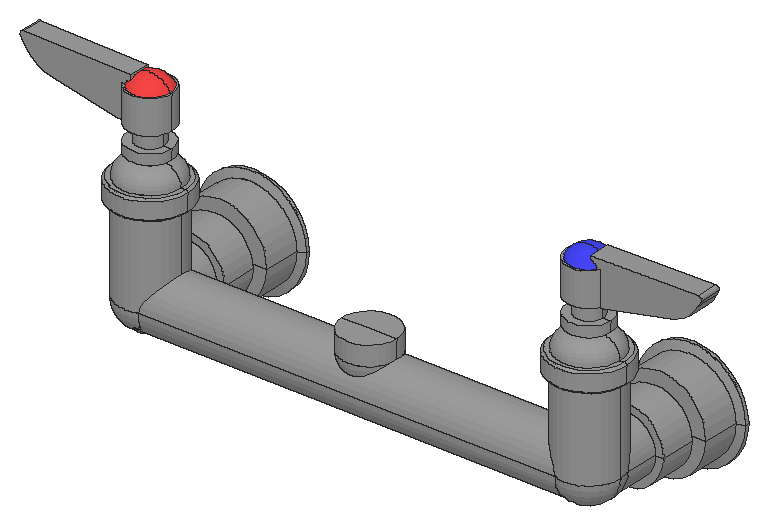
Revit family "QF_T&S_B-0230-LN", category Specialty Equipment, Revit 2012
Parameters (values of type "QF_T&S_B-0230-LN")
  Weight in Pounds = 0
  Watermarked By = "http://revitwatermark.com"
  Water Supply Radius = 1/4"  # constant formula
  Ventilation Remarks = ""
  URL Cutsheet = ""
  URL = "http://www.tsbrass.com/"
  Specification by User = ""
  Specification by Manufacturer = ""
  Serial Number = ""
  Seismic Rating = ""
  SMACNA No = ""
  Revision Code = ""
  Product Page URL = "http://www.tsbrass.com/index.cfm?page=SearchProduct&ID=427"
  Product Documentation Link = "http://catalog.tsbrass.com/"
  Plumbing Remarks = "Pressure: 20 - 125 psi, Temperature: 40 °F - 140 °F, Flow Rate: 28.63 GPM @ 60 psi / Outlet device andor final configuration may reduce flow rate."
  NAFEM Spec ID Number = ""
  Model = "B-0230-LN"  # constant formula
  Masterspec = ""
  Manufacturer Phone = "1-800-476-4103"  # constant formula
  Manufacturer Fax = "1-800-868-0084"  # constant formula
  Manufacturer Email = "netmgr@tsbrass.com"  # constant formula
  Manufacturer Address = "P.O. Box 1088, 2 Saddleback Cove, Travelers Rest, SC 29690"  # constant formula
  Manufacturer = "T&S Brass and Bronze Works, Inc."  # constant formula
  Item Number = ""
  Installed By = ""
  Identify Quantity as Lot = yes
  Hot Water Temperature = 140 °F
  Hot Water Size = Water Supply Radius * 2  # 1/2"
  Hot Water RI Height = 0"
  Hot Water Minimum Pressure = 20.00 psi
  Hot Water Maximum Pressure = 125.00 psi
  Hot Water Inlet Flow = 28.63 GPM
  Hot Water Flow = 28.63 GPM
  Hot Water Consumption = 28.63 GPM
  Hot Water Connection Height = 0"
  Furnished By = ""
  Foodservice Equipment Identifier = yes
  Faucet Material = Metal-T&S Brass-Chrome Plated Brass
  Description = "8'' Wall Mount Mixing Faucet, Eterna Cartridges, Lever Handles & 1/2'' NPT Female Inlets, Less Nozzle"  # constant formula
  Connector 2 Description = "Hot Water Inlet"
  Connector 1 Description = "Cold Water Inlet"
  Cold Water Temperature Recommended = 40 °F
  Cold Water Size = Water Supply Radius * 2  # 1/2"
  Cold Water RI Height = 0"
  Cold Water Minimum Pressure = 20.00 psi
  Cold Water Maximum Pressure = 125.00 psi
  Cold Water Inlet Flow = 28.63 GPM
  Cold Water Flow = 28.63 GPM
  Cold Water Consumption = "28.630 GPM"
  Cold Water Connection Height = 0"
  CSI MasterFormat = ""
Reference planes (in)
  plane 1 "Center (Front/Back)": y = 0
  plane 2: z = 0
  plane 3 "Center (Left/Right)": x = 0
  plane 4 "Back": y = 2.375
  plane 5: x = -6.2275
  plane 6: x = 6.21
Dimensions and locks (in)
  plane 5 to plane 6 = 12 7/16"
  nested 1 to plane 2 = 3 5/8"
  plane 1 "Center (Front/Back)" to plane 4 "Back" = 2 3/8"
  aligned and locked: plane 2 to level
Nested families (in)
  nested 1: "Base_Connector-T&S-Wall_Mount-B0230" at (0, 0, 0), type "Base_Connector-T&S-Wall_Mount-B0230"
Connectors (in)
  piping at (4, 2.375, 0), driven by "Water Supply Radius", driven by "Connector 1 Description", driven by "Cold Water Inlet Flow"
    settings: on nested 1, index 1, connector radius 1/4", flow factor 0, pipe flow 28.63 GPM, pressure drop 0.00 psi, fitting loss kfactor 0, connector angle 0.00°, fixture units 0, engagement length 0", flow configuration 1, flow direction 1, fitting loss method 0, system type 20, joint type 0, gender type 0, connector reference index -1, connector utility 0, adjustable connector no, is connector primary yes, fitting loss table "", connector description "Cold Water Inlet"
  piping at (-4, 2.375, 0), driven by "Water Supply Radius", driven by "Connector 2 Description", driven by "Hot Water Inlet Flow"
    settings: on nested 1, index 2, connector radius 1/4", flow factor 0, pipe flow 28.63 GPM, pressure drop 0.00 psi, fitting loss kfactor 0, connector angle 0.00°, fixture units 0, engagement length 0", flow configuration 1, flow direction 1, fitting loss method 0, system type 19, joint type 0, gender type 0, connector reference index -1, connector utility 0, adjustable connector no, is connector primary no, fitting loss table "", connector description "Hot Water Inlet"
Definition of nested family "Base_Connector-T&S-Wall_Mount-B0230"
  Parameters (values of type "Base_Connector-T&S-Wall_Mount-B0230")
    Watermarked By = "http://revitwatermark.com"
    Type Comments = "﻿﻿           ﻿  ​                  ​﻿​        ​  ​                                        ​     ﻿                          ﻿  ​  ​﻿  ﻿  ​  ​﻿  ﻿  ​﻿  ﻿     ​ ​                                        ​ ​               ﻿ ﻿﻿﻿​﻿ ﻿﻿ ​  ​﻿﻿  ﻿             ​       ​﻿               ​   ﻿    ﻿      ​​ ﻿                     ﻿​          ﻿ ﻿ ﻿​  ﻿    ​       ​​​        ﻿﻿"
    Keynote = "﻿﻿           ﻿  ​                  ​﻿​        ​  ​                                        ​     ﻿                          ﻿  ​  ​﻿  ﻿  ​  ​﻿  ﻿  ​﻿  ﻿     ​ ​                                        ​ ​               ﻿ ﻿﻿﻿​﻿ ﻿﻿ ​  ​﻿﻿  ﻿             ​       ​﻿               ​   ﻿    ﻿      ​​ ﻿                     ﻿​          ﻿ ﻿ ﻿​  ﻿    ​       ​​​        ﻿﻿"
    Faucet Material = Metal-T&S Brass-Chrome Plated Brass
    Description = "﻿﻿           ﻿  ​                  ​﻿​        ​  ​                                        ​     ﻿                          ﻿  ​  ​﻿  ﻿  ​  ​﻿  ﻿  ​﻿  ﻿     ​ ​                                        ​ ​               ﻿ ﻿﻿﻿​﻿ ﻿﻿ ​  ​﻿﻿  ﻿             ​       ​﻿               ​   ﻿    ﻿      ​​ ﻿                     ﻿​          ﻿ ﻿ ﻿​  ﻿    ​       ​​​        ﻿﻿"
    Assembly Code = "﻿﻿           ﻿  ​                  ​﻿​        ​  ​                                        ​     ﻿                          ﻿  ​  ​﻿  ﻿  ​  ​﻿  ﻿  ​﻿  ﻿     ​ ​                                        ​ ​               ﻿ ﻿﻿﻿​﻿ ﻿﻿ ​  ​﻿﻿  ﻿             ​       ​﻿               ​   ﻿    ﻿      ​​ ﻿                     ﻿​          ﻿ ﻿ ﻿​  ﻿    ​       ​​​        ﻿﻿"
  Reference planes (in)
    plane 1 "Center (Front/Back)": y = 0
    plane 2: z = 0
    plane 3 "Center (Left/Right)": x = 0
    plane 4 "Left": x = -4
    plane 5 "Right": x = 4
    plane 6: z = 3.625
    plane 7: x = 6.21
    plane 8: y = 2.375
    plane 9: y = 2.375
    plane 10: x = -6.2275
  Forms (in)
    Revolve 1, solid, material "Metal-T&S Brass-Chrome Plated Brass" <- "Faucet Material"
      sketch origin (0, 0, 0) x (-1, 0, 0) y (0, 0, 1)
        loop
          line (4, 1.56) -> (4, 1.40562) -> (4, -0.53705)
          arc (4, -0.53705) -> (4.40425, -0.39346) -> (4.57518, 0) r 0.53831
          line (4.57518, 0) -> (4.57518, 1.56) -> (4.65748, 1.56) -> (4.69, 1.59252) -> (4.69, 1.88962) -> (4.65184, 1.92779) -> (4.56405, 1.92779)
          arc (4.56405, 1.92779) -> (4.47206, 2.14985) -> (4.25, 2.24183) r 0.31405
          line (4.25, 2.24183) -> (4.25, 2.32792) -> (4.4, 2.32792) -> (4.4, 2.51) -> (4.25, 2.51) -> (4.25, 2.81) -> (4, 2.81) -> (4, 1.56)
        axis (4, 2.81) -> (4, -0.53705)
      angle from 0 to 360
    Revolve 2, solid, material "Metal-T&S Brass-Chrome Plated Brass" <- "Faucet Material", detail levels fine
      sketch origin (0, 0, 0) x (1, 0, 0) y (0, 0, 1)
        loop
          arc (0, 0) -> (0.35355, 0.14645) -> (0.5, 0.5) r 0.5
          line (0.5, 0.5) -> (0.5, 0.85) -> (0, 0.85) -> (0, 0)
        axis (0, 0.85) -> (0, 0)
      angle from 0 to 360
    Revolve 3, solid, material "Metal-T&S Brass-Chrome Plated Brass" <- "Faucet Material"
      sketch origin (0, 0, 0) x (-1, 0, 0) y (0, 1, 0)
        loop
          line (4, 0) -> (4.53705, 0) -> (4.53705, 0.83474) -> (4.68619, 0.83474) -> (4.68619, 1.47754) -> (4.53705, 1.47754) -> (4.53705, 1.59956) -> (4.85201, 1.59956) -> (4.85201, 2.26978) -> (5, 2.32364) -> (5, 2.375) -> (4, 2.375) -> (4, 0)
        axis (4, 2.375) -> (4, 0)
      angle from 0 to 360
    Revolve 4, solid, material "Metal-T&S Brass-Chrome Plated Brass" <- "Faucet Material"
      sketch origin (0, 0, 0) x (1, 0, 0) y (0, 1, 0)
        loop
          line (4, 0) -> (4.53705, 0) -> (4.53705, 0.83474) -> (4.68619, 0.83474) -> (4.68619, 1.47754) -> (4.53705, 1.47754) -> (4.53705, 1.59956) -> (4.85201, 1.59956) -> (4.85201, 2.26978) -> (5, 2.32364) -> (5, 2.375) -> (4, 2.375) -> (4, 0)
        axis (4, 2.375) -> (4, 0)
      angle from 0 to 360
    Extrusion 5, solid, material "Metal-T&S Brass-Chrome Plated Brass" <- "Faucet Material"
      sketch origin (0, 0, 0) x (0, 1, 0) y (0, 0, 1)
        loop
          circle (0, 0) r 0.53705
      from -4 to 4
    Revolve 6, solid, material "Metal-T&S Brass-Chrome Plated Brass" <- "Faucet Material"
      sketch origin (0, 0, 0) x (1, 0, 0) y (0, 0, 1)
        loop
          line (4, 1.56) -> (4, 1.40562) -> (4, -0.53705)
          arc (4, -0.53705) -> (4.40425, -0.39346) -> (4.57518, 0) r 0.53831
          line (4.57518, 0) -> (4.57518, 1.56) -> (4.65748, 1.56) -> (4.69, 1.59252) -> (4.69, 1.88962) -> (4.65184, 1.92779) -> (4.56405, 1.92779)
          arc (4.56405, 1.92779) -> (4.47206, 2.14985) -> (4.25, 2.24183) r 0.31405
          line (4.25, 2.24183) -> (4.25, 2.32792) -> (4.4, 2.32792) -> (4.4, 2.51) -> (4.25, 2.51) -> (4.25, 2.81) -> (4, 2.81) -> (4, 1.56)
        axis (4, 2.81) -> (4, -0.53705)
      angle from 0 to 360
  Cuts and joins
    joined: Revolve 1, Revolve 6
  Lines and regions (in)
    Masking region 1
      outline origin (0, 0, 0) x (1, 0, 0) y (0, 1, 0)
        loop
          line (-5, 2.37234) -> (-5, 2.32098) -> (-4.85201, 2.26712) -> (-4.85201, 1.60471) -> (-4.53705, 1.60471) -> (-4.53705, 1.47754) -> (-4.68619, 1.47754) -> (-4.68619, 0.83474) -> (-4.53705, 0.83474) -> (-4.53705, 0.3872)
          arc (-4.53705, 0.3872) -> (-4.59462, 0.29115) -> (-4.63518, 0.18678) r 0.66207
          line (-4.63518, 0.18678) -> (-6.2275, 0.13118) -> (-6.2275, -0.13218) -> (-4.63488, -0.18779)
          arc (-4.63488, -0.18779) -> (-4.21494, -0.62621) -> (-3.61427, -0.5381) r 0.66207
          line (-3.61427, -0.5381) -> (3.61427, -0.5381)
          arc (3.61427, -0.5381) -> (4.21494, -0.62621) -> (4.63488, -0.18779) r 0.66207
          line (4.63488, -0.18779) -> (6.2055, -0.13295) -> (6.2055, 0.13195) -> (4.63518, 0.18678)
          arc (4.63518, 0.18678) -> (4.59462, 0.29115) -> (4.53705, 0.3872) r 0.66207
          line (4.53705, 0.3872) -> (4.53705, 0.83474) -> (4.68619, 0.83474) -> (4.68619, 1.47754) -> (4.53705, 1.47754) -> (4.53705, 1.60471) -> (4.85201, 1.60471) -> (4.85201, 2.26712) -> (5, 2.32098) -> (5, 2.37234) -> (3, 2.37234) -> (3, 2.32098) -> (3.14799, 2.26712) -> (3.14799, 1.60471) -> (3.46295, 1.60471) -> (3.46295, 1.47754) -> (3.31381, 1.47754) -> (3.31381, 0.83474) -> (3.46295, 0.83474) -> (3.46295, 0.53474) -> (-3.46295, 0.53474) -> (-3.46295, 0.83474) -> (-3.31381, 0.83474) -> (-3.31381, 1.47754) -> (-3.46295, 1.47754) -> (-3.46295, 1.60471) -> (-3.14799, 1.60471) -> (-3.14799, 2.26712) -> (-3, 2.32098) -> (-3, 2.37234) -> (-5, 2.37234)
    symbolic lines
      curve 1: circle (0, 0, 0) r 0.5 normal (0, 0, 1)
      curve 8: line (0, 0.19922, 2.80501) -> (0, -0.19922, 2.80501)
    symbolic lines, detail levels medium+fine
      curve 2: arc (-4.62785, 0.204, 0) -> (-3.33984, 0, 0) -> (-4.62785, -0.204, 0) r 0.66016
      curve 3: arc (4.63095, 0.19417, 0) -> (3.33986, 0.00515, 0) -> (4.62785, -0.204, 0) r 0.66016
      curve 4: line (-4.53705, 1.47754, 0) -> (-3.46295, 1.47754, 0)
      curve 5: line (-4.53705, 0.83474, 0) -> (-3.46295, 0.83474, 0)
      curve 9: line (0, 0.83474, 0.53705) -> (0, 0.83474, -0.53705)
      curve 10: line (0, -0.19922, 2.80501) -> (0, -0.40486, 2.80501)
      curve 11: line (0, 0.19922, 2.80501) -> (0, 0.40381, 2.80501)
      curve 13: line (4.53705, 1.47754, 0) -> (3.46295, 1.47754, 0)
      curve 14: line (4.53705, 0.83474, 0) -> (3.46295, 0.83474, 0)
    symbolic lines, detail levels fine
      curve 6: line (-4.53705, 1.6008, 0) -> (-3.46295, 1.6008, 0)
      curve 7: line (-4.85201, 2.26712, 0) -> (-3.14799, 2.26712, 0)
      curve 12: line (0, 0.25425, 2.23758) -> (0, -0.25425, 2.23758)
      curve 15: line (4.53705, 1.6008, 0) -> (3.46295, 1.6008, 0)
      curve 16: line (4.85201, 2.26712, 0) -> (3.14799, 2.26712, 0)
  Dimensions and locks (in)
    equal spacing: plane 5 "Right", plane 3 "Center (Left/Right)", plane 4 "Left"
    locked: plane 5 "Right" to plane 4 "Left" at 8
    plane 8 to plane 1 "Center (Front/Back)" = 2 3/8"
    plane 1 "Center (Front/Back)" to plane 9 = 2 3/8"
    plane 10 to plane 7 = 12 7/16"
    aligned and locked: plane 2 to level
    aligned: plane 5 "Right" to nested 1
    aligned and locked: plane 1 "Center (Front/Back)" to nested 1
    aligned and locked: plane 5 "Right" to Extrusion 5
    aligned and locked: Extrusion 5 to plane 4 "Left"
  Automatic sketch dimensions
    plane 1 "Center (Front/Back)" to curve 10 = 0.40486"
    plane 1 "Center (Front/Back)" to curve 12 = 0.25425"
    plane 1 "Center (Front/Back)" to curve 10 = 51/256"
    curve 11 to plane 1 "Center (Front/Back)" = 51/256"
    curve 12 to plane 1 "Center (Front/Back)" = 0.25425"
    curve 8 to curve 11 = 0.20459"
    curve 9 to plane 1 "Center (Front/Back)" = 0.83474"
    curve 9 to level = 0.53705"
    level to curve 9 = 0.53705"
    curve 12 to plane 6 = 1.38742"
    curve 12 to curve 10 = 0.56743"
    Revolve 1 sketch curve to plane 4 "Left" = 0"  (x2)
    Revolve 1 sketch curve to level = 0"
    plane 4 "Left" to Revolve 1 sketch curve = 0.03687"
    plane 4 "Left" to Revolve 1 sketch curve = 1/4"
    Revolve 1 sketch curve to Revolve 1 sketch curve = 0"  (x3)
    Revolve 1 sketch curve to Revolve 1 sketch curve = 0.15"
    Revolve 1 sketch curve to Revolve 1 sketch curve = 0.31405"
    Revolve 1 sketch curve to Revolve 1 sketch curve = 0.53831"
    Revolve 1 sketch curve to Revolve 1 sketch curve = 0.08779"
    Revolve 1 sketch curve to Revolve 1 sketch curve = 0.0823"
    Revolve 1 sketch curve to Revolve 1 sketch curve = 0.03252"  (x2)
    Revolve 1 sketch curve to level = 1.40562"
    Revolve 1 sketch curve to Revolve 1 sketch curve = 0.15438"  (x2)
    Revolve 1 sketch curve to Revolve 1 sketch curve = 0.29711"
    Revolve 1 sketch curve to Revolve 1 sketch curve = 0.03816"
    Revolve 1 sketch curve to Revolve 1 sketch curve = 0.08609"
    Revolve 1 sketch curve to Revolve 1 sketch curve = 0.18208"
    Revolve 1 sketch curve to Revolve 1 sketch curve = 0.3"
    Revolve 2 sketch curve to level = 0"  (x2)
    Revolve 2 sketch curve to plane 3 "Center (Left/Right)" = 0"  (x2)
    plane 3 "Center (Left/Right)" to Revolve 2 sketch curve = 1/2"
    Revolve 2 sketch curve to Revolve 2 sketch curve = 0.35"
    Revolve 2 sketch curve to Revolve 2 sketch curve = 0.47562"
    plane 1 "Center (Front/Back)" to Revolve 3 sketch curve = 0"  (x2)
    Revolve 3 sketch curve to plane 4 "Left" = 0"  (x2)
    Revolve 3 sketch curve to plane 8 = 0"
    plane 4 "Left" to Revolve 3 sketch curve = 0.53705"  (x2)
    Revolve 3 sketch curve to Revolve 3 sketch curve = 0.14914"
    Revolve 3 sketch curve to Revolve 3 sketch curve = 0.16582"
    Revolve 3 sketch curve to Revolve 3 sketch curve = 0.14799"
    plane 1 "Center (Front/Back)" to Revolve 3 sketch curve = 0.83474"
    Revolve 3 sketch curve to Revolve 3 sketch curve = 0.6428"
    Revolve 3 sketch curve to Revolve 3 sketch curve = 0.12202"
    Revolve 3 sketch curve to Revolve 3 sketch curve = 0.4011"
    plane 8 to Revolve 3 sketch curve = 0.10522"
    Revolve 3 sketch curve to Revolve 3 sketch curve = 0.05136"
    Masking region 1 sketch curve to Masking region 1 sketch curve = 0"  (x4)
    plane 1 "Center (Front/Back)" to Masking region 1 sketch curve = 0"  (x2)
    Masking region 1 sketch curve to plane 4 "Left" = 0"
    Masking region 1 sketch curve to plane 5 "Right" = 0"
    Masking region 1 sketch curve to plane 4 "Left" = 0.53705"  (x2)
    plane 1 "Center (Front/Back)" to Masking region 1 sketch curve = 0.18779"  (x2)
    Masking region 1 sketch curve to Masking region 1 sketch curve = 0.09783"
    Masking region 1 sketch curve to plane 1 "Center (Front/Back)" = 0.18678"  (x2)
    Masking region 1 sketch curve to Masking region 1 sketch curve = 0.09813"  (x2)
    Masking region 1 sketch curve to Masking region 1 sketch curve = 0.14914"  (x5)
    Masking region 1 sketch curve to plane 8 = 0.10788"  (x4)
    Masking region 1 sketch curve to Masking region 1 sketch curve = 0.31496"  (x3)
    Masking region 1 sketch curve to plane 8 = 0.00266"  (x2)
    Masking region 1 sketch curve to Masking region 1 sketch curve = 0.14799"  (x4)
    plane 1 "Center (Front/Back)" to Masking region 1 sketch curve = 0.13218"
    Masking region 1 sketch curve to Masking region 1 sketch curve = 1.59262"
    plane 4 "Left" to Masking region 1 sketch curve = 0.38573"
    plane 4 "Left" to Masking region 1 sketch curve = 0.53705"  (x2)
    Masking region 1 sketch curve to plane 8 = 0.05402"  (x2)
    Masking region 1 sketch curve to plane 5 "Right" = 1"
    Masking region 1 sketch curve to Masking region 1 sketch curve = 0.16582"
    Masking region 1 sketch curve to plane 5 "Right" = 0.38573"
    plane 5 "Right" to Masking region 1 sketch curve = 0.53705"  (x2)
    Masking region 1 sketch curve to plane 7 = 0.0045"
    plane 1 "Center (Front/Back)" to Masking region 1 sketch curve = 0.13295"
    Masking region 1 sketch curve to plane 1 "Center (Front/Back)" = 0.13118"
    Masking region 1 sketch curve to plane 1 "Center (Front/Back)" = 0.13195"
    Masking region 1 sketch curve to plane 1 "Center (Front/Back)" = 0.53474"
    Masking region 1 sketch curve to Masking region 1 sketch curve = 0.3"  (x2)
    Masking region 1 sketch curve to Masking region 1 sketch curve = 0.44755"  (x2)
    Masking region 1 sketch curve to Masking region 1 sketch curve = 0.6428"  (x4)
    Masking region 1 sketch curve to Masking region 1 sketch curve = 0.12717"  (x4)
    Masking region 1 sketch curve to Masking region 1 sketch curve = 0.05136"  (x2)
    plane 1 "Center (Front/Back)" to Revolve 4 sketch curve = 0"  (x2)
    Revolve 4 sketch curve to plane 5 "Right" = 0"  (x2)
    Revolve 4 sketch curve to plane 8 = 0"
    plane 5 "Right" to Revolve 4 sketch curve = 0.53705"  (x2)
    Revolve 4 sketch curve to Revolve 4 sketch curve = 0.14914"
    Revolve 4 sketch curve to Revolve 4 sketch curve = 0.16582"
    Revolve 4 sketch curve to Revolve 4 sketch curve = 0.14799"
    Revolve 4 sketch curve to plane 1 "Center (Front/Back)" = 0.83474"
    Revolve 4 sketch curve to Revolve 4 sketch curve = 0.6428"
    Revolve 4 sketch curve to Revolve 4 sketch curve = 0.12202"
    Revolve 4 sketch curve to Revolve 4 sketch curve = 0.4011"
    Revolve 4 sketch curve to plane 8 = 0.10522"
    Revolve 4 sketch curve to Revolve 4 sketch curve = 0.05136"
    Extrusion 5 sketch curve to level = 0"
    Extrusion 5 sketch curve to plane 1 "Center (Front/Back)" = 0"
    Revolve 6 sketch curve to plane 5 "Right" = 0"  (x2)
    Revolve 6 sketch curve to level = 0"
    plane 5 "Right" to Revolve 6 sketch curve = 0.03687"
    plane 5 "Right" to Revolve 6 sketch curve = 1/4"
    Revolve 6 sketch curve to Revolve 6 sketch curve = 0"  (x3)
    Revolve 6 sketch curve to Revolve 6 sketch curve = 0.15"
    Revolve 6 sketch curve to Revolve 6 sketch curve = 0.31405"
    Revolve 6 sketch curve to Revolve 6 sketch curve = 0.53831"
    Revolve 6 sketch curve to Revolve 6 sketch curve = 0.08779"
    Revolve 6 sketch curve to Revolve 6 sketch curve = 0.0823"
    Revolve 6 sketch curve to Revolve 6 sketch curve = 0.03252"  (x2)
    level to Revolve 6 sketch curve = 1.40562"
    Revolve 6 sketch curve to Revolve 6 sketch curve = 0.15438"  (x2)
    Revolve 6 sketch curve to Revolve 6 sketch curve = 0.29711"
    Revolve 6 sketch curve to Revolve 6 sketch curve = 0.03816"
    Revolve 6 sketch curve to Revolve 6 sketch curve = 0.08609"
    Revolve 6 sketch curve to Revolve 6 sketch curve = 0.18208"
    Revolve 6 sketch curve to Revolve 6 sketch curve = 0.3"
    plane 1 "Center (Front/Back)" to curve 2 = 0"
    curve 2 to plane 4 "Left" = 0"
    plane 1 "Center (Front/Back)" to curve 1 = 0"
    curve 1 to plane 3 "Center (Left/Right)" = 0"
    plane 1 "Center (Front/Back)" to curve 3 = 0"
    curve 3 to plane 5 "Right" = 0"
    curve 6 to plane 4 "Left" = 0.53705"
    curve 5 to plane 4 "Left" = 0.53705"
    curve 4 to curve 6 = 0"  (x2)
    curve 2 to plane 1 "Center (Front/Back)" = 0.204"
    curve 2 to plane 4 "Left" = 0.62785"
    plane 1 "Center (Front/Back)" to curve 2 = 0.204"
    curve 7 to plane 8 = 0.10788"
    curve 7 to curve 6 = 0.31496"
    plane 4 "Left" to curve 6 = 0.53705"
    plane 4 "Left" to curve 5 = 0.53705"
    curve 6 to curve 7 = 0.31496"
    curve 16 to plane 8 = 0.10788"
    curve 16 to plane 5 "Right" = 0.85201"
    curve 15 to plane 5 "Right" = 0.53705"
    curve 14 to plane 5 "Right" = 0.53705"
    curve 13 to curve 15 = 0"  (x2)
    plane 5 "Right" to curve 15 = 0.53705"
    plane 5 "Right" to curve 14 = 0.53705"
    plane 1 "Center (Front/Back)" to curve 3 = 0.204"
    plane 5 "Right" to curve 3 = 0.62785"
    curve 3 to plane 1 "Center (Front/Back)" = 0.19417"
    curve 15 to curve 16 = 0.31496"
    curve 3 to curve 14 = 0.64057"
    curve 5 to plane 1 "Center (Front/Back)" = 0.83474"
    curve 5 to curve 4 = 0.6428"
    curve 14 to curve 13 = 0.6428"
    curve 4 to curve 6 = 0.12326"
    curve 13 to curve 15 = 0.12326"
    radius of Extrusion 5 sketch curve = 0.53705"
    radius of curve 1 = 1/2"
  Nested families (in)
    nested 1: "Handle-T&S-Lever" at (4, 0, 2.81), type "Handle-T&S-Lever"
    nested 2: "Handle-T&S-Lever" at (-4, 0, 2.81) x (-1, 0, 0) z (0, 0, 1), type "Handle-T&S-Lever"
      with Handle Color Plastic-T&S Brass-Red
  Definition of nested family "Handle-T&S-Lever"
    Parameters (values of type "Handle-T&S-Lever")
      Watermarked By = "http://revitwatermark.com"
      Type Comments = "﻿﻿               ​      ​   ​  ​  ﻿     ﻿   ﻿      ﻿     ​                      ​      ​       ﻿  ﻿   ﻿​  ​​   ​​ ​                                 ﻿                  ​​​   ​  ​   ﻿ ﻿        ﻿﻿                 ​                            ﻿              ​ ​              ﻿      ​              ﻿  ﻿​    ﻿   ​           ​        ﻿ ﻿ ﻿             ﻿  ​           ﻿﻿"
      Keynote = "﻿﻿               ​      ​   ​  ​  ﻿     ﻿   ﻿      ﻿     ​                      ​      ​       ﻿  ﻿   ﻿​  ​​   ​​ ​                                 ﻿                  ​​​   ​  ​   ﻿ ﻿        ﻿﻿                 ​                            ﻿              ​ ​              ﻿      ​              ﻿  ﻿​    ﻿   ​           ​        ﻿ ﻿ ﻿             ﻿  ​           ﻿﻿"
      Handle Color [instance] = Plastic-T&S Brass-Blue
      Faucet Material = Metal-T&S Brass-Chrome Plated Brass
      Description = "﻿﻿               ​      ​   ​  ​  ﻿     ﻿   ﻿      ﻿     ​                      ​      ​       ﻿  ﻿   ﻿​  ​​   ​​ ​                                 ﻿                  ​​​   ​  ​   ﻿ ﻿        ﻿﻿                 ​                            ﻿              ​ ​              ﻿      ​              ﻿  ﻿​    ﻿   ​           ​        ﻿ ﻿ ﻿             ﻿  ​           ﻿﻿"
      Assembly Code = "﻿﻿               ​      ​   ​  ​  ﻿     ﻿   ﻿      ﻿     ​                      ​      ​       ﻿  ﻿   ﻿​  ​​   ​​ ​                                 ﻿                  ​​​   ​  ​   ﻿ ﻿        ﻿﻿                 ​                            ﻿              ​ ​              ﻿      ​              ﻿  ﻿​    ﻿   ​           ​        ﻿ ﻿ ﻿             ﻿  ​           ﻿﻿"
    Reference planes (in)
      plane 1 "Center (Front/Back)": y = 0
      plane 2: z = 0
      plane 3 "Center (Left/Right)": x = 0
      plane 4 "Top": z = 0.815
    Forms (in)
      Revolve 1, solid, material "Plastic-T&S Brass-Blue" <- "Handle Color", detail levels medium+fine
        sketch origin (-4, 0, -2.81) x (1, 0, 0) y (0, 0, 1)
          loop
            line (4, 3.625) -> (4, 3.41763) -> (4.3654, 3.41763)
            arc (4.3654, 3.41763) -> (4.21125, 3.57163) -> (4, 3.625) r 0.41035
          axis (4, 3.625) -> (4, 3.41763)
        angle from 0 to 360
      Extrusion 2, solid, material "Metal-T&S Brass-Chrome Plated Brass" <- "Faucet Material"
        sketch origin (-4, 0, -2.81) x (1, 0, 0) y (0, 0, 1)
          loop
            line (4.19019, 3.59292) -> (4.19019, 2.81) -> (4.42301, 2.81) -> (5.64702, 3.07071)
            arc (5.64702, 3.07071) -> (5.94747, 3.20934) -> (6.15903, 3.46376) r 0.75
            line (6.15903, 3.46376) -> (6.20024, 3.54465)
            arc (6.20024, 3.54465) -> (6.19781, 3.60046) -> (6.14872, 3.62711) r 0.05671
            line (6.14872, 3.62711) -> (4.19019, 3.59292)
        from -0.19531 to 0.19531
      Revolve 3, solid, material "Metal-T&S Brass-Chrome Plated Brass" <- "Faucet Material"
        sketch origin (0, 0, 0) x (1, 0, 0) y (0, 0, 1)
          loop
            line (0, 0.60763) -> (0, 0) -> (0.40625, 0) -> (0.40625, 0.60763) -> (0, 0.60763)
          axis (0, 0) -> (0, 0.60763)
        angle from 0 to 360
    Lines and regions (in)
      Masking region 1
        outline origin (0, 0, 0.815) x (-1, 0, 0) y (0, -1, 0)
          loop
            arc (-0.34637, -0.19922) -> (0.39957, 0) -> (-0.34637, 0.19922) r 0.39957
            line (-0.34637, 0.19922) -> (-2.20859, 0.13419) -> (-2.20859, 0) -> (-2.20859, -0.13419) -> (-0.34637, -0.19922)
      symbolic lines
        curve 1: line (0.61313, 0.19922, 0) -> (0.19019, 0.19922, 0)
        curve 3: line (0.19019, -0.19922, 0) -> (0.61313, -0.19922, 0)
      symbolic lines, detail levels fine
        curve 2: line (0.19019, 0.19922, 0) -> (0.19019, -0.19922, 0)
      symbolic lines, detail levels medium+fine
        curve 4: line (0.34637, 0.19922, 0) -> (0.19019, 0.19922, 0)
        curve 5: line (0.19019, -0.19922, 0) -> (0.34637, -0.19922, 0)
    Dimensions and locks (in)
      Revolve 3 sketch curve to plane 3 "Center (Left/Right)" = 13/32"
      radius of Masking region 1 sketch curve = 0.39957"
      aligned and locked: plane 2 to level
      aligned and locked: plane 3 "Center (Left/Right)" to Revolve 3 sketch curve
